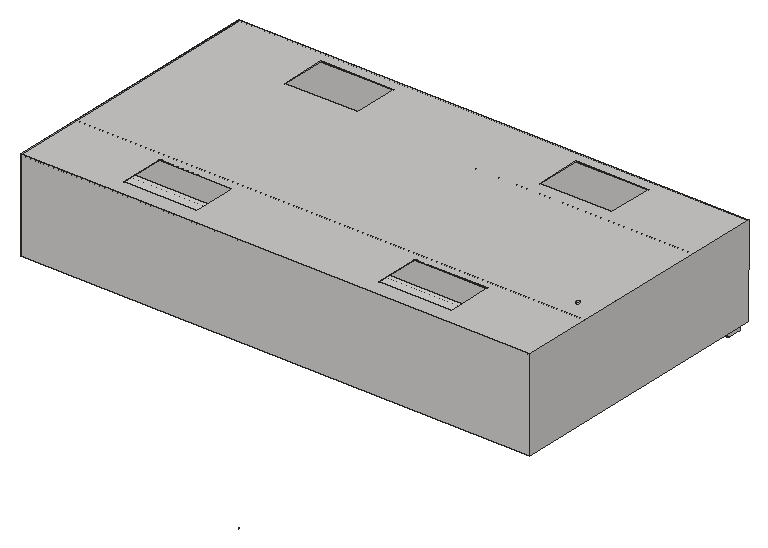
Revit family "QF_ELECTROLUXPROFESSIONAL_641261_STPF1528", category Attrezzature speciali, Revit 2021
Family settings
  Quota connettore circolare = Usa diametro
  Tipo di parte = Normale
  Basato su piano di lavoro = No
  Sempre verticale = Sì
  Taglio con vuoti quando caricato = No
  Condiviso = No
  Punto di calcolo locali = No
Parameters (values of type "Standard")
  Weight = 182.00 kg
  Watts = 240 W
  Volts = 220 V
  URL Manufacturer = "https://www.electroluxprofessional.com/"
  URL = "https://www.electroluxprofessional.com/"
  Steam Supply Size = 0 mm
  Steam Supply Minimum Pressure = 0.0 Pa
  Steam Supply Maximum Pressure = 0.0 Pa
  Steam Consumption per Hour = 0
  Refrigeration Suction Line Size = 0 mm
  Refrigeration Liquid Line Size = 0 mm
  Refrigerant Compressor Remote = yes
  Prospetto di default = 0 mm
  Produttore = "Electrolux Professional"
  Phase = 1
  Modello = "STPF1528"
  Length Actual = 2800 mm  # constant formula
  Item Number = "641261"
  Hot Water Size = 0 mm
  Height Actual = 500 mm  # constant formula
  HP = "0.3 HP"
  Gas Size = 0 mm
  Gas KW = 0
  Gas Input Pressure = 0 W
  Direct Waste Size = 0 mm
  Descrizione = "304 S/S WALL HOOD+FILTERS+LAMPS 280X150"
  Depth Actual = 1500 mm  # constant formula
  Cycle = 50 Hz
  Condensate Return Size = 0 mm
  Compressed Air Volume = 0.0 L/s
  Compressed Air Size = 0 mm
  Compressed Air Pressure = 0.0 Pa
  Cold Water Size = 0 mm
  Accessory = yes
Reference planes
  plane 1: z = 0
  plane 2 "Center (Left/Right)": x = 150
  plane 3 "LEFT": x = -1250
  plane 4 "RIGHT": x = 1550
  plane 5 "BACK": y = 550
  plane 6 "TOP": z = 2500
  plane 7 "Base": z = 2000
  plane 8: z = 1955
  plane 9 "DrainY": y = 490
  plane 10: x = -1247
  plane 11 "DrainX": x = 1430
  plane 12 "AOLeft2": x = -350
  plane 13 "AORight1": x = 650
  plane 14: x = 1547
  plane 15: x = -1050
  plane 16: x = 1350
  plane 17 "Center (Front/Back)": y = -100
  plane 18 "Front": y = -950
  plane 19 "AOLeft1": x = -750
  plane 20 "AORight2": x = 1050
  plane 21: y = -864
  plane 22: y = -614
  plane 23: y = 240
  plane 24: y = 490
  plane 25 "EI_y": y = -470
  plane 26 "EIx": x = 1430
Forms (mm)
  Extrusion 1, solid, material "QF_Finishes_Stainless Steel"
    sketch origin (-1250, 0, 360) x (0, 1, 0) y (0, 0, 1)
      loop
        line (550, 1640) -> (550, 2140) -> (-950, 2140) -> (-950, 1640) -> (550, 1640)
    from 0 to 3
  Extrusion 2, solid, material "QF_Finishes_Stainless Steel"
    sketch origin (1550, 0, 360) x (0, 1, 0) y (0, 0, 1)
      loop
        line (550, 1640) -> (550, 2140) -> (-950, 2140) -> (-950, 1640) -> (550, 1640)
    from 0 to -3
  Extrusion 3, solid, material "QF_Finishes_Stainless Steel"
    sketch origin (150, 0, 360) x (0, 1, 0) y (0, 0, 1)
      loop
        line (-950, 2140) -> (-950, 1640) -> (-940, 1640) -> (-940, 1640.8) -> (-949.2, 1640.8) -> (-949.2, 2139.19) -> (549.2, 2139.19) -> (549.2, 1640.8) -> (540, 1640.8) -> (540, 1640) -> (550, 1640) -> (550, 2140) -> (-950, 2140)
    from -1400 to 1400
  Extrusion 4, solid, material "QF_Finishes_Stainless Steel"
    sketch origin (0, 0, 2000) x (0, 1, 0) y (-1, 0, 0)
      loop
        circle (490, -1430) r 4.763
    from -30 to 0
  Extrusion 5, void
    sketch origin (0, 0, 2500) x (0, 1, 0) y (-1, 0, 0)
      loop
        line (-614, 350) -> (-614, 750) -> (-864, 750) -> (-864, 350) -> (-614, 350)
    from 0 to -10
  Extrusion 6, solid, material "QF_Finishes_Stainless Steel"
    sketch origin (0, 0, 0) x (1, 0, 0) y (0, 1, 0)
      loop
        line (-1250, 550) -> (-1250, 549) -> (-1249, 549) -> (-1249, 550) -> (-1250, 550)
    from 0 to 1
  Extrusion 7, solid, material "QF_LAMPS"
    sketch origin (150, 0, 360) x (0, 1, 0) y (0, 0, 1)
      loop
        line (-572.823, 1962.324) -> (-418.948, 2086.929) -> (-427.129, 2097.032) -> (-581.003, 1972.426) -> (-572.823, 1962.324)
    from 1397 to -1397
  Sweep 8, solid, material "QF_Finishes_Stainless Steel"
    path origin (0, 0, 0) x (1, 0, 0) y (0, 1, 0)
      loop
        line (1550, 550) -> (-1250, 550) -> (-1250, -950) -> (1550, -950) -> (1550, 550)
    profile origin (1550, -200, 0) x (1, 0, 0) y (0, 0, 1)
      loop
        line (-3, 2000) -> (-3, 2000.8) -> (-19, 2000.8) -> (-19, 2010) -> (-20, 2010) -> (-20, 2000) -> (-3, 2000)
  Extrusion 9, solid, material "QF_Finishes_Stainless Steel"
    sketch origin (150, 0, 0) x (0, 1, 0) y (0, 0, 1)
      loop
        line (414.66, 2095.469) -> (440.643, 2110.471) -> (261.744, 2411.771) -> (235.948, 2396.455) -> (414.66, 2095.469)
    from -1397 to -1200
  Extrusion 10, void
    sketch origin (1134.605, 0, 2500) x (0, 1, 0) y (-1, 0, 0)
      loop
        line (-614, 84.605) -> (-614, 484.605) -> (-864, 484.605) -> (-864, 84.605) -> (-614, 84.605)
    from 0 to -10
  Extrusion 11, solid, material "QF_Finishes_Stainless Steel"
    sketch origin (1430, 0, 0) x (0, 1, 0) y (0, 0, 1)
      loop
        line (539, 2000) -> (441, 2000) -> (441, 1989) -> (448.5, 1989) -> (448.5, 1965)
        arc (448.5, 1965) -> (451.429, 1957.929) -> (458.5, 1955) r 10
        line (458.5, 1955) -> (521.5, 1955)
        arc (521.5, 1955) -> (528.571, 1957.929) -> (531.5, 1965) r 10
        line (531.5, 1965) -> (531.5, 1989) -> (539, 1989) -> (539, 2000)
    from 90 to -90
  Extrusion 12, solid, material "QF_Finishes_Stainless Steel"
    sketch origin (150, 0, 0) x (0, 1, 0) y (0, 0, 1)
      loop
        line (414.66, 2095.469) -> (440.643, 2110.471) -> (261.744, 2411.771) -> (235.948, 2396.455) -> (414.66, 2095.469)
    from 1200 to 1397
  Extrusion 13, solid, material "QF_Finished_Chrome"
    sketch origin (150, 0, 0) x (0, 1, 0) y (0, 0, 1)
      loop
        line (414.66, 2095.469) -> (440.643, 2110.471) -> (261.744, 2411.771) -> (235.948, 2396.455) -> (414.66, 2095.469)
    from -1200 to 1200
  Extrusion 14, void
    sketch origin (0, 1180, 2500) x (0, 1, 0) y (-1, 0, 0)
      loop
        line (-690, 350) -> (-690, 750) -> (-940, 750) -> (-940, 350) -> (-690, 350)
    from 0 to -10
  Extrusion 15, void
    sketch origin (1600, 1180, 2500) x (0, 1, 0) y (-1, 0, 0)
      loop
        line (-690, 550) -> (-690, 950) -> (-940, 950) -> (-940, 550) -> (-690, 550)
    from 0 to -10
  Extrusion 16, solid, material "QF_Finishes_Stainless Steel"
    sketch origin (0, 0, 2500) x (0, 1, 0) y (-1, 0, 0)
      loop
        circle (-470, -1430) r 10
    from 0 to 1.6
  Extrusion 17, solid, material "QF_Finishes_Stainless Steel"
    sketch origin (150, 0, 360) x (0, 1, 0) y (0, 0, 1)
      loop
        line (430.005, 1640) -> (540, 1640) -> (540, 1640.8) -> (430.467, 1640.8) -> (371.906, 1742.23) -> (414.858, 1734.657) -> (442.266, 1750.481) -> (442.266, 1765.943) -> (441.466, 1765.943) -> (441.466, 1750.943) -> (414.709, 1735.495) -> (321.153, 1751.991) -> (320.875, 1750.416) -> (371.4, 1741.507) -> (430.005, 1640)
      loop
        line (172.529, 2139.19) -> (242.893, 2017.316) -> (245.133, 2018.715) -> (240.13, 2027.381) -> (238.569, 2026.405) -> (173.453, 2139.19) -> (172.529, 2139.19)
    from -1397 to 1397
  Extrusion 18, solid, material "QF_Finishes_Stainless Steel"
    sketch origin (150, 200.8, 360) x (0, 1, 0) y (0, 0, 1)
      loop
        line (-1150, 2139.19) -> (-1150, 1640) -> (-1086.602, 1640) -> (-999.146, 1690.493) -> (-1010.058, 1709.394) -> (-1066.564, 1676.77) -> (-1114.704, 1680.982) -> (-1149.2, 1730.248) -> (-1149.2, 2139.19) -> (-1150, 2139.19)
      loop
        line (-773.6, 1961.694) -> (-781.937, 1971.99) -> (-769.095, 1982.182) -> (-769.095, 2139.19) -> (-769.895, 2139.19) -> (-769.895, 1982.569) -> (-1082.298, 1734.63) -> (-1071.091, 1720.79) -> (-773.6, 1961.694)
      loop
        line (-627.61, 2099.216) -> (-618.171, 2087.559) -> (-554.411, 2139.19) -> (-555.682, 2139.19) -> (-618.052, 2088.684) -> (-626.989, 2099.719) -> (-627.61, 2099.216)
    from -1397 to 1397
  Extrusion 19, solid, material "QF_Finishes_Stainless Steel"
    sketch origin (0, 0, 2500) x (0, 1, 0) y (-1, 0, 0)
      loop
        circle (-470, -1430) r 10
    from 0 to 1.6
Cuts and joins
  Extrusion 5, Extrusion 10, Extrusion 14, Extrusion 15 cuts Extrusion 3
  joined: Extrusion 2, Extrusion 3, Sweep 8
Lines and regions (mm)
  symbolic lines, style "SpecialityEquipment", detail levels coarse
    curve 1: line (1550, 550, 2500) -> (-1250, 550, 2500)
    curve 2: line (-1250, 550, 2500) -> (-1250, -950, 2500)
    curve 3: line (1550, -950, 2500) -> (1550, 550, 2500)
    curve 4: line (-1250, 550, 0) -> (1550, -950, 0)
    curve 5: line (1550, 550, 0) -> (-1250, -950, 0)
    curve 6: line (-1250, -950, 0) -> (1550, -950, 0)
  symbolic lines, detail levels coarse
    curve 7: line (-750, 240, 2500) -> (-350, 240, 2500)
    curve 8: line (-750, 490, 2500) -> (-750, 240, 2500)
    curve 9: line (-350, 490, 2500) -> (-750, 490, 2500)
    curve 10: line (-350, 240, 2500) -> (-350, 490, 2500)
    curve 11: line (650, 490, 2500) -> (650, 240, 2500)
    curve 12: line (1050, 490, 2500) -> (650, 490, 2500)
    curve 13: line (650, 240, 2500) -> (1050, 240, 2500)
    curve 14: line (1050, 240, 2500) -> (1050, 490, 2500)
    curve 15: line (-750, -614, 2500) -> (-350, -614, 2500)
    curve 16: line (-750, -864, 2500) -> (-750, -614, 2500)
    curve 17: line (-350, -864, 2500) -> (-750, -864, 2500)
    curve 18: line (-350, -614, 2500) -> (-350, -864, 2500)
    curve 19: line (650, -614, 2500) -> (1050, -614, 2500)
    curve 20: line (650, -864, 2500) -> (650, -614, 2500)
    curve 21: line (1050, -864, 2500) -> (650, -864, 2500)
    curve 22: line (1050, -614, 2500) -> (1050, -864, 2500)
Dimensions and locks
  plane 3 "LEFT" to plane 4 "RIGHT" = 2800 mm
  equal spacing: plane 3 "LEFT", plane 2 "Center (Left/Right)", plane 4 "RIGHT"
  plane 7 "Base" to plane 8 = 45 mm
  plane 5 "BACK" to plane 9 "DrainY" = 60 mm  (x2)
  plane 3 "LEFT" to plane 10 = 3 mm
  plane 11 "DrainX" to plane 4 "RIGHT" = 120 mm
  plane 14 to plane 4 "RIGHT" = 3 mm
  plane 3 "LEFT" to plane 15 = 200 mm
  plane 16 to plane 4 "RIGHT" = 200 mm
  locked: plane 12 "AOLeft2" to plane 13 "AORight1" at 1000
  equal spacing: plane 12 "AOLeft2", plane 2 "Center (Left/Right)", plane 13 "AORight1"
  locked: plane 7 "Base" to level at 2000
  locked: plane 6 "TOP" to plane 7 "Base" at 500
  locked: plane 19 "AOLeft1" to plane 12 "AOLeft2" at 400
  locked: plane 13 "AORight1" to plane 20 "AORight2" at 400
  locked: plane 22 to plane 21 at 250
  locked: plane 21 to plane 18 "Front" at 86
  locked: plane 24 to plane 23 at 250
  locked: plane 5 "BACK" to plane 24 at 60
  locked: plane 25 "EI_y" to plane 18 "Front" at 480
  locked: plane 26 "EIx" to plane 4 "RIGHT" at 120
  locked: plane 5 "BACK" to plane 18 "Front" at 1500
  plane 5 "BACK" to plane 18 "Front" = 1500 mm
  aligned and locked: level to plane 1
  aligned and locked: plane 4 "RIGHT" to Extrusion 3
  aligned and locked: Extrusion 3 to plane 3 "LEFT"
  aligned and locked: Extrusion 2 to plane 14
  aligned and locked: Extrusion 9 to plane 10
  aligned and locked: Extrusion 5 to plane 19 "AOLeft1"
  aligned and locked: Extrusion 5 to plane 12 "AOLeft2"
  aligned and locked: plane 20 "AORight2" to Extrusion 10
  aligned and locked: plane 13 "AORight1" to Extrusion 10
  aligned and locked: plane 15 to Extrusion 9
  aligned and locked: plane 16 to Extrusion 12
  aligned and locked: plane 14 to Extrusion 12
  aligned and locked: Extrusion 13 to plane 15
  aligned and locked: Extrusion 13 to plane 16
  aligned and locked: plane 14 to Extrusion 7
  aligned and locked: Extrusion 7 to plane 10
  aligned and locked: Extrusion 14 to plane 23
  aligned and locked: plane 24 to Extrusion 14
  aligned and locked: plane 24 to Extrusion 15
  aligned and locked: Extrusion 15 to plane 23
  aligned and locked: plane 13 "AORight1" to Extrusion 15
  aligned and locked: plane 20 "AORight2" to Extrusion 15
  aligned and locked: Extrusion 14 to plane 19 "AOLeft1"
  aligned and locked: Extrusion 14 to plane 12 "AOLeft2"
  aligned and locked: Extrusion 17 to plane 10
  aligned and locked: plane 14 to Extrusion 17
  aligned and locked: Extrusion 5 to plane 21
  aligned and locked: plane 22 to Extrusion 5
  aligned and locked: Extrusion 10 to plane 21
  aligned and locked: Extrusion 18 to plane 10
  aligned and locked: plane 14 to Extrusion 18
Automatic sketch dimensions
  curve 6 to plane 3 "LEFT" = 0 mm
  curve 4 to plane 3 "LEFT" = 0 mm
  curve 5 to plane 4 "RIGHT" = 0 mm
  curve 6 to plane 4 "RIGHT" = 0 mm
  curve 4 to plane 18 "Front" = 0 mm
  curve 5 to plane 5 "BACK" = 0 mm
  curve 4 to plane 5 "BACK" = 0 mm
  Extrusion 1 sketch curve to plane 7 "Base" = 0 mm
  Extrusion 1 sketch curve to plane 18 "Front" = 0 mm
  Extrusion 1 sketch curve to plane 5 "BACK" = 0 mm
  Extrusion 1 sketch curve to plane 6 "TOP" = 0 mm
  Extrusion 2 sketch curve to plane 7 "Base" = 0 mm
  Extrusion 2 sketch curve to plane 18 "Front" = 0 mm
  Extrusion 2 sketch curve to plane 5 "BACK" = 0 mm
  Extrusion 2 sketch curve to plane 6 "TOP" = 0 mm
  Extrusion 3 sketch curve to plane 6 "TOP" = 0 mm
  Extrusion 3 sketch curve to plane 18 "Front" = 0 mm
  Extrusion 3 sketch curve to plane 7 "Base" = 0 mm  (x2)
  Extrusion 3 sketch curve to plane 5 "BACK" = 0 mm
  plane 18 "Front" to Extrusion 3 sketch curve = 0.8 mm
  Extrusion 3 sketch curve to Extrusion 3 sketch curve = 9.2 mm
  plane 7 "Base" to Extrusion 3 sketch curve = 0.8 mm  (x2)
  Extrusion 3 sketch curve to plane 5 "BACK" = 10 mm
  Extrusion 3 sketch curve to plane 5 "BACK" = 0.8 mm
  Extrusion 3 sketch curve to plane 6 "TOP" = 0.81 mm
  Extrusion 4 sketch curve to plane 9 "DrainY" = 0 mm
  Extrusion 4 sketch curve to plane 11 "DrainX" = 0 mm
  Extrusion 5 sketch curve to plane 12 "AOLeft2" = 0 mm
  Extrusion 5 sketch curve to plane 21 = 0 mm
  Extrusion 5 sketch curve to plane 22 = 0 mm
  Extrusion 5 sketch curve to plane 19 "AOLeft1" = 0 mm
  Extrusion 6 sketch curve to plane 3 "LEFT" = 0 mm
  Extrusion 6 sketch curve to plane 5 "BACK" = 0 mm
  plane 3 "LEFT" to Extrusion 6 sketch curve = 1 mm
  Extrusion 6 sketch curve to Extrusion 6 sketch curve = 1 mm
  plane 22 to Extrusion 7 sketch curve = 32.997 mm
  Extrusion 7 sketch curve to Extrusion 7 sketch curve = 8.181 mm  (x2)
  plane 25 "EI_y" to Extrusion 7 sketch curve = 42.871 mm
  Extrusion 7 sketch curve to plane 6 "TOP" = 177.676 mm
  Extrusion 7 sketch curve to Extrusion 7 sketch curve = 10.102 mm
  Extrusion 7 sketch curve to plane 6 "TOP" = 53.071 mm
  Extrusion 7 sketch curve to Extrusion 7 sketch curve = 10.103 mm
  Sweep 8 sketch curve to plane 3 "LEFT" = 0 mm
  Sweep 8 sketch curve to plane 4 "RIGHT" = 0 mm
  Sweep 8 sketch curve to plane 18 "Front" = 0 mm
  Sweep 8 sketch curve to plane 5 "BACK" = 0 mm
  profile plane to Sweep 8 sketch curve = 20 mm
  Sweep 8 sketch curve to Sweep 8 sketch curve = 1 mm
  profile plane to Sweep 8 sketch curve = 3 mm
  level to Sweep 8 sketch curve = 2000 mm
  Sweep 8 sketch curve to Sweep 8 sketch curve = 0.8 mm
  Sweep 8 sketch curve to Sweep 8 sketch curve = 9.2 mm
  Extrusion 9 sketch curve to plane 23 = 4.052 mm
  plane 23 to Extrusion 9 sketch curve = 21.744 mm
  Extrusion 9 sketch curve to plane 9 "DrainY" = 75.34 mm
  Extrusion 9 sketch curve to Extrusion 9 sketch curve = 25.983 mm
  plane 7 "Base" to Extrusion 9 sketch curve = 95.469 mm
  Extrusion 9 sketch curve to Extrusion 9 sketch curve = 15.001 mm
  Extrusion 9 sketch curve to plane 6 "TOP" = 103.545 mm
  Extrusion 9 sketch curve to Extrusion 9 sketch curve = 15.316 mm
  Extrusion 10 sketch curve to plane 20 "AORight2" = 0 mm
  Extrusion 10 sketch curve to plane 21 = 0 mm
  Extrusion 10 sketch curve to plane 22 = 0 mm
  Extrusion 10 sketch curve to plane 13 "AORight1" = 0 mm
  Extrusion 11 sketch curve to plane 8 = 0 mm
  Extrusion 11 sketch curve to plane 7 "Base" = 11 mm  (x2)
  Extrusion 11 sketch curve to plane 9 "DrainY" = 49 mm
  Extrusion 11 sketch curve to Extrusion 11 sketch curve = 7.5 mm  (x2)
  Extrusion 11 sketch curve to Extrusion 11 sketch curve = 10 mm
  Extrusion 11 sketch curve to plane 5 "BACK" = 28.5 mm
  Extrusion 11 sketch curve to plane 5 "BACK" = 18.5 mm
  plane 7 "Base" to Extrusion 11 sketch curve = 0 mm
  Extrusion 12 sketch curve to plane 23 = 4.052 mm
  plane 23 to Extrusion 12 sketch curve = 21.744 mm
  Extrusion 12 sketch curve to plane 9 "DrainY" = 75.34 mm
  Extrusion 12 sketch curve to Extrusion 12 sketch curve = 25.983 mm
  plane 7 "Base" to Extrusion 12 sketch curve = 95.469 mm
  Extrusion 12 sketch curve to Extrusion 12 sketch curve = 15.001 mm
  Extrusion 12 sketch curve to plane 6 "TOP" = 103.545 mm
  Extrusion 12 sketch curve to Extrusion 12 sketch curve = 15.316 mm
  Extrusion 13 sketch curve to plane 23 = 4.052 mm
  plane 23 to Extrusion 13 sketch curve = 21.744 mm
  Extrusion 13 sketch curve to plane 9 "DrainY" = 75.34 mm
  Extrusion 13 sketch curve to Extrusion 13 sketch curve = 25.983 mm
  plane 7 "Base" to Extrusion 13 sketch curve = 95.469 mm
  Extrusion 13 sketch curve to Extrusion 13 sketch curve = 15.001 mm
  Extrusion 13 sketch curve to plane 6 "TOP" = 103.545 mm
  Extrusion 13 sketch curve to Extrusion 13 sketch curve = 15.316 mm
  Extrusion 14 sketch curve to plane 12 "AOLeft2" = 0 mm
  Extrusion 14 sketch curve to plane 23 = 0 mm
  Extrusion 14 sketch curve to plane 9 "DrainY" = 0 mm
  Extrusion 14 sketch curve to plane 19 "AOLeft1" = 0 mm
  Extrusion 15 sketch curve to plane 20 "AORight2" = 0 mm
  Extrusion 15 sketch curve to plane 23 = 0 mm
  Extrusion 15 sketch curve to plane 9 "DrainY" = 0 mm
  Extrusion 15 sketch curve to plane 13 "AORight1" = 0 mm
  Extrusion 16 sketch curve to plane 25 "EI_y" = 0 mm
  Extrusion 16 sketch curve to plane 26 "EIx" = 0 mm
  Extrusion 17 sketch curve to plane 7 "Base" = 0 mm
  Extrusion 17 sketch curve to plane 6 "TOP" = 0.81 mm
  Extrusion 17 sketch curve to plane 23 = 67.471 mm
  Extrusion 17 sketch curve to Extrusion 17 sketch curve = 0.924 mm
  Extrusion 17 sketch curve to plane 23 = 1.431 mm
  plane 23 to Extrusion 17 sketch curve = 0.13 mm
  plane 23 to Extrusion 17 sketch curve = 2.893 mm
  Extrusion 17 sketch curve to Extrusion 17 sketch curve = 2.24 mm
  plane 23 to Extrusion 17 sketch curve = 80.875 mm
  Extrusion 17 sketch curve to Extrusion 17 sketch curve = 0.278 mm
  Extrusion 17 sketch curve to Extrusion 17 sketch curve = 50.525 mm
  Extrusion 17 sketch curve to Extrusion 17 sketch curve = 0.506 mm
  Extrusion 17 sketch curve to Extrusion 17 sketch curve = 42.803 mm
  Extrusion 17 sketch curve to Extrusion 17 sketch curve = 0.148 mm
  Extrusion 17 sketch curve to plane 9 "DrainY" = 59.995 mm
  plane 7 "Base" to Extrusion 17 sketch curve = 0.8 mm
  Extrusion 17 sketch curve to Extrusion 17 sketch curve = 0.462 mm  (x2)
  Extrusion 17 sketch curve to Extrusion 17 sketch curve = 109.533 mm
  Extrusion 17 sketch curve to Extrusion 17 sketch curve = 26.757 mm
  Extrusion 17 sketch curve to Extrusion 17 sketch curve = 0.8 mm
  plane 7 "Base" to Extrusion 17 sketch curve = 94.657 mm
  Extrusion 17 sketch curve to Extrusion 17 sketch curve = 0.838 mm
  Extrusion 17 sketch curve to Extrusion 17 sketch curve = 6.012 mm
  Extrusion 17 sketch curve to Extrusion 17 sketch curve = 0.723 mm
  Extrusion 17 sketch curve to Extrusion 17 sketch curve = 14.986 mm
  Extrusion 17 sketch curve to Extrusion 17 sketch curve = 15 mm
  Extrusion 17 sketch curve to plane 6 "TOP" = 122.684 mm
  Extrusion 17 sketch curve to Extrusion 17 sketch curve = 1.399 mm
  Extrusion 17 sketch curve to Extrusion 17 sketch curve = 9.089 mm
  Extrusion 17 sketch curve to Extrusion 17 sketch curve = 0.975 mm
  Extrusion 18 sketch curve to plane 7 "Base" = 0 mm
  plane 18 "Front" to Extrusion 18 sketch curve = 0.8 mm
  Extrusion 18 sketch curve to Extrusion 18 sketch curve = 0.8 mm  (x2)
  plane 18 "Front" to Extrusion 18 sketch curve = 36.096 mm
  Extrusion 18 sketch curve to plane 21 = 21.802 mm
  Extrusion 18 sketch curve to plane 21 = 17.498 mm
  Extrusion 18 sketch curve to plane 21 = 6.291 mm
  Extrusion 18 sketch curve to plane 21 = 1.764 mm
  plane 21 to Extrusion 18 sketch curve = 54.742 mm
  Extrusion 18 sketch curve to Extrusion 18 sketch curve = 10.912 mm
  plane 22 to Extrusion 18 sketch curve = 32.863 mm
  Extrusion 18 sketch curve to Extrusion 18 sketch curve = 8.337 mm
  Extrusion 18 sketch curve to Extrusion 18 sketch curve = 12.042 mm
  plane 25 "EI_y" to Extrusion 18 sketch curve = 43.19 mm
  Extrusion 18 sketch curve to Extrusion 18 sketch curve = 0.622 mm
  Extrusion 18 sketch curve to Extrusion 18 sketch curve = 9.44 mm
  Extrusion 18 sketch curve to Extrusion 18 sketch curve = 0.118 mm
  Extrusion 18 sketch curve to plane 6 "TOP" = 0.81 mm  (x3)
  Extrusion 18 sketch curve to Extrusion 18 sketch curve = 62.37 mm
  Extrusion 18 sketch curve to Extrusion 18 sketch curve = 1.271 mm
  plane 7 "Base" to Extrusion 18 sketch curve = 36.77 mm
  plane 7 "Base" to Extrusion 18 sketch curve = 40.982 mm
  plane 7 "Base" to Extrusion 18 sketch curve = 50.493 mm
  Extrusion 18 sketch curve to Extrusion 18 sketch curve = 18.901 mm
  Extrusion 18 sketch curve to Extrusion 18 sketch curve = 44.02 mm
  Extrusion 18 sketch curve to Extrusion 18 sketch curve = 49.266 mm
  Extrusion 18 sketch curve to Extrusion 18 sketch curve = 13.84 mm
  Extrusion 18 sketch curve to plane 6 "TOP" = 178.306 mm
  Extrusion 18 sketch curve to Extrusion 18 sketch curve = 10.296 mm
  Extrusion 18 sketch curve to Extrusion 18 sketch curve = 10.192 mm
  Extrusion 18 sketch curve to Extrusion 18 sketch curve = 0.386 mm
  Extrusion 18 sketch curve to plane 6 "TOP" = 52.441 mm
  Extrusion 18 sketch curve to Extrusion 18 sketch curve = 1.125 mm
  Extrusion 19 sketch curve to plane 25 "EI_y" = 0 mm
  Extrusion 19 sketch curve to plane 26 "EIx" = 0 mm
  curve 2 to plane 3 "LEFT" = 0 mm
  curve 2 to plane 18 "Front" = 0 mm
  curve 3 to plane 4 "RIGHT" = 0 mm
  curve 3 to plane 18 "Front" = 0 mm
  curve 21 to plane 13 "AORight1" = 0 mm
  curve 21 to plane 21 = 0 mm
  curve 18 to plane 12 "AOLeft2" = 0 mm
  curve 18 to plane 21 = 0 mm
  curve 19 to plane 20 "AORight2" = 0 mm
  curve 19 to plane 22 = 0 mm
  curve 15 to plane 22 = 0 mm
  curve 13 to plane 13 "AORight1" = 0 mm
  curve 13 to plane 23 = 0 mm
  curve 10 to plane 12 "AOLeft2" = 0 mm
  curve 10 to plane 23 = 0 mm
  curve 14 to plane 9 "DrainY" = 0 mm
  curve 10 to plane 9 "DrainY" = 0 mm
  curve 2 to plane 5 "BACK" = 0 mm
  curve 14 to plane 20 "AORight2" = 0 mm
  curve 17 to plane 19 "AOLeft1" = 0 mm
  curve 7 to plane 19 "AOLeft1" = 0 mm
  radius of Extrusion 4 sketch curve = 4.763 mm
  radius of Extrusion 16 sketch curve = 10 mm
  radius of Extrusion 19 sketch curve = 10 mm
Connectors
  piping at (1430, 490, 1970), diameter 9.5
    settings: on Extrusion 4, index 1, connector inside diameter 609.6 mm, connector length 0 mm, flow factor 0, pipe flow 0.0 L/s, pressure drop 0.0 Pa, fitting loss kfactor 0, connector angle 0.00°, fixture units 0, engagement length 0 mm, angle of deflection 0.00°, flow configuration 1, flow direction 2, fitting loss method 0, system type 16, joint type 0, gender type 0, connector reference index -1, connector utility 0, adjustable connector no, is connector primary yes, connector description "Drain"
  hvac at (-550, -739, 2500)
    settings: on Extrusion 5, index 2, duct flow 0.0 L/s, flow factor 0, pres drop 0.0 Pa, loss coef 0, conn angle 0.00°, conn width 250 mm, conn height 400 mm, conn diameter 609.6 mm, duct sys type 1, conn prof type 1, flow config 1, flow direction 1, loss method 0, conn ref index -1, conn util no, is conn primary yes, conn desc "AIR INLET"
  hvac at (850, -739, 2500)
    settings: on Extrusion 10, index 3, duct flow 0.0 L/s, flow factor 0, pres drop 0.0 Pa, loss coef 0, conn angle 0.00°, conn width 250 mm, conn height 400 mm, conn diameter 609.6 mm, duct sys type 1, conn prof type 1, flow config 1, flow direction 1, loss method 0, conn ref index -1, conn util no, is conn primary no, conn desc "AIR INLET"
  hvac at (-550, 365, 2500)
    settings: on Extrusion 14, index 4, duct flow 0.0 L/s, flow factor 0, pres drop 0.0 Pa, loss coef 0, conn angle 0.00°, conn width 250 mm, conn height 400 mm, conn diameter 609.6 mm, duct sys type 3, conn prof type 1, flow config 1, flow direction 2, loss method 0, conn ref index -1, conn util no, is conn primary no, conn desc "EXHAUST OUTLET"
  hvac at (850, 365, 2500)
    settings: on Extrusion 15, index 5, duct flow 0.0 L/s, flow factor 0, pres drop 0.0 Pa, loss coef 0, conn angle 0.00°, conn width 250 mm, conn height 400 mm, conn diameter 609.6 mm, duct sys type 3, conn prof type 1, flow config 1, flow direction 2, loss method 0, conn ref index -1, conn util no, is conn primary no, conn desc "EXHAUST OUTLET"
  electrical at (1430, -470, 2501.6), driven by "Volts"
    settings: on Extrusion 16, index 6, voltage 220 V, apparent load 0 VA, apparent load phase1 0 VA, apparent load phase2 0 VA, apparent load phase3 0 VA, power factor 1, load classification "Other", number of poles 1, system type 30, power factor state 1, is connector primary yes, connector utility no, sub classification motor no, connector description "Electrical Connection"
  electrical at (1430, -470, 2501.6)
    settings: on Extrusion 19, index 12, voltage 0 V, apparent load 0 VA, apparent load phase1 0 VA, apparent load phase2 0 VA, apparent load phase3 0 VA, power factor 1, load classification "Other", number of poles 1, system type 30, power factor state 1, is connector primary no, connector utility no, sub classification motor no, connector description ""
